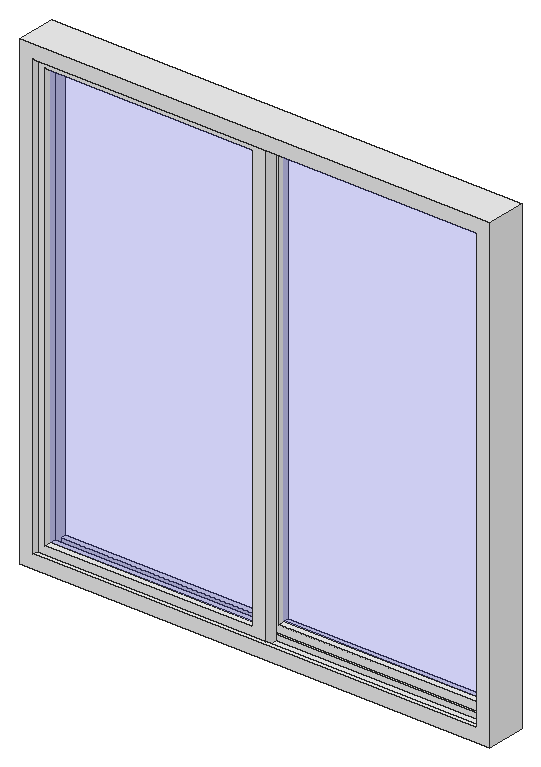
Revit family
Parameters
  창 두께 = 150 mm
  창 패널 = AW1 창 패널
  창 프레임 = AW1 창 프레임
  Height = 1800 mm
  기본 씰 높이 = 600 mm
  Wall Closure = (empty or 0)
  Width = 1800 mm
Reference planes
  plane 1: y = 0
  plane 2 "중심(왼쪽/오른쪽)": x = 0
  plane 3 "왼쪽": x = -900
  plane 4 "오른쪽": x = 900
  plane 5 "씰": z = 600
  plane 6 "헤드": z = 2400
  plane 7 "외부": y = 100
  plane 8 "내부": y = -100
  plane 9: y = 75
  plane 10: y = -75
  plane 11: y = -5
  plane 12: y = 5
  plane 13: y = 55
  plane 14: y = -55
  plane 15: y = 52.5
  plane 16: y = 7.5
  plane 17: y = -7.5
  plane 18: y = -52.5
  plane 19: x = -850
  plane 20: x = 850
  plane 21: x = -25
  plane 22: x = 25
  plane 23: x = -870
  plane 24: x = 870
  plane 25: x = 820
  plane 26: x = -820
  plane 27: y = 30
  plane 28: y = -30
  plane 29: y = 32.5
  plane 30: y = 27.5
  plane 31: y = -27.5
  plane 32: y = -32.5
Forms (mm)
  Sweep 1, solid, material "AW1 창 프레임" <- "창 프레임"
    path origin (-2000, 75, 1000) x (-1, 0, 0) y (0, 0, 1)
      loop
        line (-1100, -400) -> (-2900, -400) -> (-2900, 1400) -> (-1100, 1400)
    profile origin (900, 75, 600) x (1, 0, 0) y (0, 1, 0)
      loop
        line (0, 0) -> (-50, 0) -> (-50, -20) -> (-30, -20) -> (-30, -70) -> (-50, -70) -> (-50, -75) -> (0, -75) -> (0, 0)
  Sweep 2, solid, material "AW1 창 프레임" <- "창 프레임"
    path origin (-900, 0, 600) x (1, 0, 0) y (0, 0, 1)
      loop
        line (1800, 1800) -> (0, 1800) -> (0, 0) -> (1800, 0)
    profile origin (-900, 0, 600) x (0, -1, 0) y (1, 0, 0)
      loop
        line (0, 0) -> (75, 0) -> (75, 50) -> (55, 50) -> (55, 30) -> (5, 30) -> (5, 50) -> (0, 50) -> (0, 0)
  Extrusion 3, solid, material "AW1 창 프레임" <- "창 프레임"
    sketch origin (0, 0, 0) x (1, 0, 0) y (0, 1, 0)
      loop
        line (850, 0) -> (850, -75) -> (900, -75) -> (900, 0) -> (850, 0)
    from 600 to 2400
  Extrusion 4, solid, material "AW1 창 프레임" <- "창 프레임"
    sketch origin (0, 0, 0) x (1, 0, 0) y (0, 1, 0)
      loop
        line (-900, 75) -> (-900, 0) -> (-850, 0) -> (-850, 75) -> (-900, 75)
    from 600 to 2400
  Sweep 5, solid, material "AW1 창 프레임" <- "창 프레임"
    path origin (-2000, 52.5, 1000) x (-1, 0, 0) y (0, 0, 1)
      loop
        line (-2870, 1370) -> (-2870, -370) -> (-1975, -370) -> (-1975, 1370) -> (-2870, 1370)
    profile origin (870, 52.5, 630) x (1, 0, 0) y (0, 1, 0)
      loop
        line (0, 0) -> (-50, 0) -> (-50, -45) -> (0, -45) -> (0, 0)
  Sweep 6, solid, material "AW1 창 프레임" <- "창 프레임"
    path origin (-2000, -7.5, 1000) x (-1, 0, 0) y (0, 0, 1)
      loop
        line (-2025, 1370) -> (-2025, -370) -> (-1130, -370) -> (-1130, 1370) -> (-2025, 1370)
    profile origin (-870, -7.5, 630) x (0, 1, 0) y (-1, 0, 0)
      loop
        line (0, 0) -> (-47.5, 0) -> (-47.5, -50) -> (0, -50) -> (0, 0)
  Extrusion 7, solid, material "AW1 창 패널" <- "창 패널"
    sketch origin (0, 0, 0) x (1, 0, 0) y (0, 1, 0)
      loop
        line (-820, -32.5) -> (-25, -32.5) -> (-25, -27.5) -> (-820, -27.5) -> (-820, -32.5)
    from 680 to 2320
  Extrusion 8, solid, material "AW1 창 패널" <- "창 패널"
    sketch origin (0, 0, 0) x (1, 0, 0) y (0, 1, 0)
      loop
        line (25, 27.5) -> (820, 27.5) -> (820, 32.5) -> (25, 32.5) -> (25, 27.5)
    from 680 to 2320
Cuts and joins
  joined: Sweep 1, Sweep 2, Extrusion 3, Extrusion 4
Lines and regions (mm)
  Opening 1
    outline origin (3500, -100, 0) x (1, 0, 0) y (0, 0, 1)
      loop
        line (-2600, 600) -> (-2600, 2400) -> (-4400, 2400) -> (-4400, 600) -> (-2600, 600)
  symbolic lines, style "입면도 스윙"
    curve 1: line (-149.108, -7.5, 1597.852) -> (-149.108, -7.5, 1428.146)
    curve 2: line (-149.108, -7.5, 1428.146) -> (-64.256, -7.5, 1512.999)
    curve 3: line (-64.256, -7.5, 1512.999) -> (-149.108, -7.5, 1597.852)
    curve 4: line (169.108, -7.5, 1597.852) -> (169.108, -7.5, 1428.146)
    curve 5: line (169.108, -7.5, 1428.146) -> (84.256, -7.5, 1512.999)
    curve 6: line (84.256, -7.5, 1512.999) -> (169.108, -7.5, 1597.852)
Text (mm)
  text "외부" at (-1963.203, 1332.353, 0), in view "참조 레벨"
  text "내부" at (-1981.466, -818.386, 0), in view "참조 레벨"
  text "외부" at (0, 923.751, 2943.296), in view "오른쪽"
  text "외부" at (0, 1040.484, 2685.409), in view "왼쪽"
Dimensions and locks
  equal spacing: plane 3 "왼쪽", plane 2 "중심(왼쪽/오른쪽)", plane 4 "오른쪽"
  "Width": plane 3 "왼쪽" to plane 4 "오른쪽"
  "Height": plane 5 "씰" to plane 6 "헤드"
  "기본 씰 높이": plane 5 "씰" to level
  locked: plane 7 "외부" to host wall at 0
  locked: plane 8 "내부" to host wall
  "창 두께": plane 9 to plane 10
  equal spacing: plane 9, host wall, plane 10
  plane 12 to host wall to plane 11 = 5 mm locked, 5 mm locked
  locked: plane 14 to plane 10 at 20
  locked: plane 9 to plane 13 at 20
  locked: plane 13 to plane 15 at 2.5
  locked: plane 18 to plane 14 at 2.5
  locked: plane 11 to plane 17 at 2.5
  locked: plane 16 to plane 12 at 2.5
  plane 3 "왼쪽" to plane 23 to plane 19 = 30 mm locked, 20 mm locked
  plane 20 to plane 24 to plane 4 "오른쪽" = 20 mm locked, 30 mm locked
  plane 21 to plane 2 "중심(왼쪽/오른쪽)" to plane 22 = 25 mm locked, 25 mm locked
  locked: plane 23 to plane 26 at 50
  locked: plane 25 to plane 24 at 50
  Sweep 6 to plane 28 to plane 18 = 22.5 mm locked, 22.5 mm locked
  plane 15 to plane 27 to plane 16 = 22.5 mm locked, 22.5 mm locked
  plane 31 to plane 28 to plane 32 = 2.5 mm locked, 2.5 mm locked
  plane 29 to plane 27 to plane 30 = 2.5 mm locked, 2.5 mm locked
  aligned and locked: host wall to Sweep 1 sketch curve
  aligned and locked: Sweep 1 sketch curve to host wall  (x3)
  aligned and locked: plane 9 to Sweep 1 sketch curve
  aligned and locked: plane 20 to Sweep 1 sketch curve
  aligned and locked: plane 24 to Sweep 1 sketch curve
  aligned and locked: plane 12 to Sweep 1 sketch curve
  aligned and locked: Sweep 2 sketch curve to plane 3 "왼쪽"
  aligned and locked: Sweep 2 sketch curve to plane 5 "씰"
  aligned and locked: host wall to Sweep 2 sketch curve
  aligned and locked: plane 19 to Sweep 2 sketch curve  (x2)
  aligned and locked: plane 23 to Sweep 2 sketch curve
  aligned and locked: plane 10 to Sweep 2 sketch curve
  aligned and locked: Sweep 2 sketch curve to plane 14
  aligned and locked: Extrusion 3 sketch curve to Sweep 1
  aligned and locked: Sweep 1 to Extrusion 3 sketch curve
  aligned and locked: Extrusion 3 sketch curve to Sweep 2
  aligned and locked: Sweep 1 to Extrusion 4 sketch curve
  aligned and locked: Extrusion 4 sketch curve to Sweep 2  (x2)
  aligned and locked: Extrusion 4 to host wall
  aligned and locked: Extrusion 3 to host wall
  aligned and locked: Extrusion 4 sketch curve to plane 9
  aligned and locked: plane 10 to Extrusion 3 sketch curve
  aligned and locked: Sweep 5 sketch curve to cut or joined group of Sweep 1, Sweep 2, Extrusion 3, Extrusion 4  (x3)
  aligned and locked: plane 21 to Sweep 5 sketch curve
  aligned and locked: profile plane to Sweep 5 sketch curve  (x2)
  aligned and locked: plane 16 to Sweep 5 sketch curve
  aligned and locked: plane 25 to Sweep 5 sketch curve
  aligned and locked: plane 22 to Sweep 6 sketch curve
  aligned and locked: cut or joined group of Sweep 1, Sweep 2, Extrusion 3, Extrusion 4 to Sweep 6 sketch curve  (x2)
  aligned and locked: Sweep 6 sketch curve to cut or joined group of Sweep 1, Sweep 2, Extrusion 3, Extrusion 4
  aligned and locked: profile plane to Sweep 6 sketch curve  (x2)
  aligned and locked: plane 14 to Sweep 6 sketch curve
  aligned and locked: Sweep 6 sketch curve to plane 26
  aligned and locked: plane 26 to Extrusion 7 sketch curve
  aligned and locked: Extrusion 7 sketch curve to plane 32
  aligned and locked: plane 31 to Extrusion 7 sketch curve
  aligned and locked: plane 21 to Extrusion 7 sketch curve
  aligned and locked: plane 22 to Extrusion 8 sketch curve
  aligned and locked: Extrusion 8 sketch curve to plane 30
  aligned and locked: plane 29 to Extrusion 8 sketch curve
  aligned and locked: Extrusion 8 sketch curve to plane 25
  aligned and locked: Extrusion 8 to Sweep 5  (x2)
  aligned and locked: Sweep 5 to Extrusion 7
  aligned and locked: plane 6 "헤드" to Sweep 2 sketch curve
  aligned and locked: plane 6 "헤드" to Opening 1 sketch curve
  aligned and locked: plane 4 "오른쪽" to Opening 1 sketch curve
  aligned and locked: plane 3 "왼쪽" to Opening 1 sketch curve
  aligned and locked: plane 5 "씰" to Opening 1 sketch curve
  aligned and locked: Extrusion 7 to Sweep 6
  aligned and locked: cut or joined group of Sweep 1, Sweep 2, Extrusion 3, Extrusion 4 to plane 6 "헤드"  (x2)
Automatic sketch dimensions
  Sweep 1 sketch curve to plane 3 "왼쪽" = 0 mm  (x2)
  Sweep 1 sketch curve to plane 5 "씰" = 0 mm
  Sweep 1 sketch curve to Sweep 1 sketch curve = 20 mm
  Sweep 1 sketch curve to plane 9 = 20 mm
  Sweep 2 sketch curve to profile plane = 0 mm
  profile plane to Sweep 2 sketch curve = 5 mm
  plane 22 to curve 4 = 144.108 mm
  plane 22 to curve 6 = 59.256 mm
  curve 2 to plane 21 = 39.256 mm
  curve 2 to curve 1 = 84.853 mm
  curve 1 to plane 5 "씰" = 828.146 mm
  curve 5 to curve 1 = 0 mm
  curve 5 to curve 4 = 84.853 mm
  curve 3 to curve 1 = 84.853 mm
  Sweep 2 sketch curve to Sweep 1 = 0 mm  (x2)
